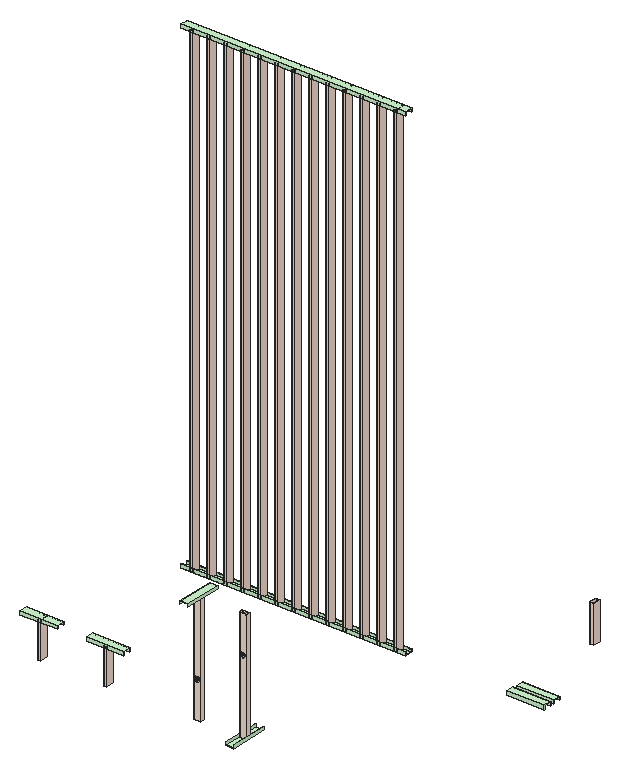
Revit family "sq-wall2500", category 機械設備, Revit 2022
Family settings
  丸型コネクタ寸法 = 直径を使用
  種別 = なし
  パーツ タイプ = 標準
  作業面ベース = いいえ
  常に垂直 = はい
  ロード時にボイドで切り取り = いいえ
  注釈の向きを維持 = いいえ
  共有 = いいえ
  部屋計算ポイント = いいえ
Parameters
  製造元 = "株式会社桐井製作所"
  既定の高さ = 0 mm
  URL = "https://www.kirii.co.jp/"
  K_名称 = "SQ-WALL2500工法（ソリーダ）"
  K_バージョン情報 = "240321"
Reference planes
  plane 1 "中心(正面/背面)": y = 0
  plane 2: z = 0
  plane 3 "中心(左/右)": x = 0
  plane 4: z = 19
Lines and regions (mm)
  model lines
    curve 1: line (3467.807, 3284.555, 0) -> (5217.807, 3284.555, 0)
    curve 2: line (5217.807, 2254.555, 0) -> (3467.807, 2254.555, 0)
    curve 3: line (3467.807, 3284.555, 0) -> (3467.807, 2254.555, 0)
    curve 4: line (3467.807, 2054.555, 0) -> (5217.807, 2054.555, 0)
    curve 5: line (5217.807, 1024.555, 0) -> (3467.807, 1024.555, 0)
    curve 6: line (3467.807, 2054.555, 0) -> (3467.807, 1024.555, 0)
    curve 7: line (5217.807, 2054.555, 0) -> (5217.807, 1024.555, 0)
    curve 8: line (5217.807, 3284.555, 0) -> (5217.807, 2254.555, 0)
    curve 9: line (-432.193, -425.445, 0) -> (1307.807, -425.445, 0)
    curve 10: line (1307.807, -1455.445, 0) -> (-432.193, -1455.445, 0)
    curve 11: line (-432.193, -425.445, 0) -> (-432.193, -1455.445, 0)
    curve 12: line (5417.807, 3284.555, 0) -> (7167.807, 3284.555, 0)
    curve 13: line (7167.807, 2254.555, 0) -> (5417.807, 2254.555, 0)
    curve 14: line (5417.807, 3284.555, 0) -> (5417.807, 2254.555, 0)
    curve 15: line (7167.807, 3284.555, 0) -> (7167.807, 2254.555, 0)
    curve 16: line (5417.807, 2054.555, 0) -> (7167.807, 2054.555, 0)
    curve 17: line (7167.807, 1024.555, 0) -> (5417.807, 1024.555, 0)
    curve 18: line (5417.807, 2054.555, 0) -> (5417.807, 1024.555, 0)
    curve 19: line (7167.807, 2054.555, 0) -> (7167.807, 1024.555, 0)
    curve 20: line (1517.807, -425.445, 0) -> (3257.807, -425.445, 0)
    curve 21: line (3257.807, -1455.445, 0) -> (1517.807, -1455.445, 0)
    curve 22: line (3257.807, -425.445, 0) -> (3257.807, -1455.445, 0)
    curve 23: line (1307.807, -425.445, 0) -> (1307.807, -1455.445, 0)
    curve 24: line (1517.807, -425.445, 0) -> (1517.807, -1455.445, 0)
Text (mm)
  text "SQ-WALL2500工法(ソリーダ）\n※倉庫業法に規定されている2500N/㎡に対応した工法です。\n壁高さに応じてスタッド配置間隔が異なりますので、適切な仕様の選定をお願いします。\n（壁高さ6500mm以下の場合は227.5mm以下、壁高さ6500mmを超え7500mm以下の場合は182mm以下とする）" at (-488.376, 3497.466, 0), in view "{3D}"
  text "SQ-BAR" at (3607.293, 3147.828, 0), in view "{3D}"
  text "・SQ-BAR45100(1.2)" at (3707.619, 2965.328, 0), in view "{3D}"
  text "施工規定については、施工要領書をご確認下さい。\n●URL：SQ-WALL2500工法(ソリーダ)\nhttps://www.kirii.co.jp/download/dw/sekou/sekou_sq-wall2500.pdf" at (5357.293, -1592.172, 0), in view "{3D}"
  text "高耐力ランナー" at (3607.293, 1917.828, 0), in view "{3D}"
  text "・-105×40×2.3" at (3707.619, 1735.328, 0), in view "{3D}"
  text "・-105×50×2.3" at (3707.619, 1582.828, 0), in view "{3D}"
  text "アンカー(ご参考)" at (5557.293, 1917.828, 0), in view "{3D}"
  text "・タップスター(8×50以上)" at (5657.619, 1735.328, 0), in view "{3D}"
  text "セルフドリリングビス(ご参考)" at (5557.293, 3147.828, 0), in view "{3D}"
  text "・MBテクス　Wリード(WLR：3.5×25mm以上)" at (5657.619, 2965.328, 0), in view "{3D}"
  text "突出長さ10mm以上になるようご選定ください。" at (5457.896, 2364.62, 0), in view "{3D}"
  text "壁高さ6.5mまでは許容せん断耐力5550N以上、6.5m以上は6400N以上のものを使用し、\n打込み間隔455mm以下にて固定して下さい。" at (5457.896, 1209.62, 0), in view "{3D}"
  text "スタッドの切断" at (-292.707, -562.172, 0), in view "{3D}"
  text "スタッドは、上部ランナーとの隙間が10mm以下となるように切断する。\n※ランナーサイズが［-105×50×2.3のものを使用する際は隙間を15mm以上～20mm以下\nとなるように切断する。" at (-392.104, -1205.38, 0), in view "{3D}"
  text "スタッドの配線用貫通孔" at (1657.293, -562.172, 0), in view "{3D}"
  text "スタッドには壁内配線用の貫通孔をスタッドの上下端部から1000mm以内に各一か所ずつ\n開けることができる。現場で加工を行う際は、直径36mm以下とし、ヘリ秋寸法を30mm\n以上確保する。" at (1557.896, -1205.38, 0), in view "{3D}"
  text "ランナーが［-105×40×2.3の場合" at (-312.759, -1034.28, 0), in view "{3D}"
  text "ランナーが［-105×50×2.3の場合" at (572.241, -1034.28, 0), in view "{3D}"
Dimensions and locks
  aligned and locked: level to plane 2
Nested families
  nested 1: "高耐力ランナー105×40×2.3" at (-82.193, 1529.555, 0), type "高耐力ランナー105×40×2.3"
    with K_長さ(mm) 3000 mm
  nested 2: "SQ-BAR45100(1.2)" at (1440.307, 1527.099, 0) x (0, 1, 0) z (0, 0, 1), type "SQ-BAR45100(1.2)"
    with K_長さ(mm) 6500 mm
  nested 3: "SQ-BAR45100(1.2)" at (1212.807, 1527.099, 0) x (0, 1, 0) z (0, 0, 1), type "SQ-BAR45100(1.2)"
    with K_長さ(mm) 6500 mm
  nested 4: "SQ-BAR45100(1.2)" at (985.307, 1527.099, 0) x (0, 1, 0) z (0, 0, 1), type "SQ-BAR45100(1.2)"
    with K_長さ(mm) 6500 mm
  nested 5: "SQ-BAR45100(1.2)" at (757.807, 1527.099, 0) x (0, 1, 0) z (0, 0, 1), type "SQ-BAR45100(1.2)"
    with K_長さ(mm) 6500 mm
  nested 6: "SQ-BAR45100(1.2)" at (530.307, 1527.099, 0) x (0, 1, 0) z (0, 0, 1), type "SQ-BAR45100(1.2)"
    with K_長さ(mm) 6500 mm
  nested 7: "SQ-BAR45100(1.2)" at (302.807, 1527.099, 0) x (0, 1, 0) z (0, 0, 1), type "SQ-BAR45100(1.2)"
    with K_長さ(mm) 6500 mm
  nested 8: "SQ-BAR45100(1.2)" at (75.307, 1527.099, 0) x (0, 1, 0) z (0, 0, 1), type "SQ-BAR45100(1.2)"
    with K_長さ(mm) 6500 mm
  nested 9: "SQ-BAR45100(1.2)" at (2805.307, 1527.099, 0) x (0, 1, 0) z (0, 0, 1), type "SQ-BAR45100(1.2)"
    with K_長さ(mm) 6500 mm
  nested 10: "SQ-BAR45100(1.2)" at (2577.807, 1527.099, 0) x (0, 1, 0) z (0, 0, 1), type "SQ-BAR45100(1.2)"
    with K_長さ(mm) 6500 mm
  nested 11: "SQ-BAR45100(1.2)" at (2350.307, 1527.099, 0) x (0, 1, 0) z (0, 0, 1), type "SQ-BAR45100(1.2)"
    with K_長さ(mm) 6500 mm
  nested 12: "SQ-BAR45100(1.2)" at (2122.807, 1527.099, 0) x (0, 1, 0) z (0, 0, 1), type "SQ-BAR45100(1.2)"
    with K_長さ(mm) 6500 mm
  nested 13: "SQ-BAR45100(1.2)" at (1895.307, 1527.099, 0) x (0, 1, 0) z (0, 0, 1), type "SQ-BAR45100(1.2)"
    with K_長さ(mm) 6500 mm
  nested 14: "SQ-BAR45100(1.2)" at (1667.807, 1527.099, 0) x (0, 1, 0) z (0, 0, 1), type "SQ-BAR45100(1.2)"
    with K_長さ(mm) 6500 mm
  nested 15: "高耐力ランナー105×40×2.3" at (4267.807, 1699.555, 40) x (1, 0, 0) z (0, 0, -1), type "高耐力ランナー105×40×2.3"
    with K_長さ(mm) 500 mm
  nested 16: "SQ-BAR45100(1.2)" at (4312.807, 2927.055, 0) x (0, 1, 0) z (0, 0, 1), type "SQ-BAR45100(1.2)"
    with K_長さ(mm) 500 mm
  nested 17: "SQ-BAR45100(1.2)" at (16.422, -939.598, 0) x (0, 1, 0) z (0, 0, 1), type "SQ-BAR45100(1.2)"
    with K_長さ(mm) 490 mm
  nested 18: "SQ-BAR45100(1.2)" at (902.722, -939.598, 0) x (0, 1, 0) z (0, 0, 1), type "SQ-BAR45100(1.2)"
    with K_長さ(mm) 480 mm
  nested 19: "高耐力ランナー105×40×2.3" at (-261.078, -937.142, 500) x (1, 0, 0) z (0, 0, -1), type "高耐力ランナー105×40×2.3"
    with K_長さ(mm) 500 mm
  nested 20: "高耐力ランナー105×50×2.3" at (4267.807, 1539.555, 50) x (1, 0, 0) z (0, 0, -1), type "高耐力ランナー105×50×2.3"
    with K_長さ(mm) 500 mm
  nested 21: "高耐力ランナー105×50×2.3" at (625.222, -937.142, 500) x (1, 0, 0) z (0, 0, -1), type "高耐力ランナー105×50×2.3"
    with K_長さ(mm) 500 mm
  nested 22: "SQ-BAR45100(1.2)_貫通孔あり_" at (2699.107, -964.642, 0), type "SQ-BAR45100(1.2)_貫通孔あり_"
    with K_長さ(mm) 1500 mm
  nested 23: "SQ-BAR45100(1.2)_貫通孔あり_" at (2083.105, -962.142, 1502.3) x (-1, 0, 0) z (0, 0, -1), type "SQ-BAR45100(1.2)_貫通孔あり_"
    with K_長さ(mm) 1500 mm
  nested 24: "高耐力ランナー105×40×2.3" at (2696.607, -1189.642, 0) x (0, 1, 0) z (0, 0, 1), type "高耐力ランナー105×40×2.3"
    with K_長さ(mm) 500 mm
  nested 25: "高耐力ランナー105×40×2.3" at (2080.605, -1189.642, 1514.6) x (0, 1, 0) z (0, 0, -1), type "高耐力ランナー105×40×2.3"
    with K_長さ(mm) 500 mm
  nested 26: "高耐力ランナー105×40×2.3" at (-82.193, 1529.555, 6512.3) x (1, 0, 0) z (0, 0, -1), type "高耐力ランナー105×40×2.3"
    with K_長さ(mm) 3000 mm
Definition of nested family "高耐力ランナー105×40×2.3"
  Parameters (values of type "高耐力ランナー105×40×2.3")
    Manufacturer = "株式会社桐井製作所"
    Default Elevation = 0 mm
    URL = "https://www.kirii.co.jp/"
    K_長さ(mm) [instance] = 4000 mm
    K_外形寸法(mm) = "[-105×40×2.3"
    K_品名 = "高耐力ランナー"
    K_名称 = "ランナー"
    K_バージョン情報 = "20210714"
  Reference planes
    plane 1 "中心(正面/背面)": y = 0
    plane 2: z = 0
    plane 3 "中心(左/右)": x = 0
    plane 4: x = 4000
    plane 5: z = 40
  Forms (mm)
    Extrusion 1, solid
      sketch origin (0, -32.295, -46.342) x (0, 1, 0) y (0, 0, 1)
        loop
          line (82.295, 86.342) -> (79.995, 86.342) -> (79.995, 48.642) -> (-20.405, 48.642) -> (-20.405, 86.342) -> (-22.705, 86.342) -> (-22.705, 46.342) -> (82.295, 46.342) -> (82.295, 86.342)
      from 0 to 4000
  Dimensions and locks
    "K_長さ(mm)": plane 4 to plane 3 "中心(左/右)"
    aligned and locked: level to plane 2
    aligned and locked: plane 4 to Extrusion 1
  Automatic sketch dimensions
    Extrusion 1 sketch curve to level = 0 mm
    plane 1 "中心(正面/背面)" to Extrusion 1 sketch curve = 55 mm
    Extrusion 1 sketch curve to Extrusion 1 sketch curve = 2.3 mm  (x2)
    level to Extrusion 1 sketch curve = 2.3 mm
    Extrusion 1 sketch curve to plane 1 "中心(正面/背面)" = 47.7 mm
    Extrusion 1 sketch curve to Extrusion 1 sketch curve = 37.7 mm  (x2)
Definition of nested family "SQ-BAR45100(1.2)"
  Parameters (values of type "SQ-BAR45100(1.2)")
    Manufacturer = "株式会社桐井製作所"
    Default Elevation = 0 mm
    URL = "https://www.kirii.co.jp/"
    K_長さ(mm) [instance] = 3000 mm
    K_外形寸法(mm) = "□45×100×1.2"
    K_品名 = "SQ-BAR45100(1.2)"
    K_名称 = "スタッド"
    K_バージョン情報 = "20210714"
  Reference planes
    plane 1 "中心(正面/背面)": y = 0
    plane 2: z = 0
    plane 3 "中心(左/右)": x = 0
    plane 4: z = 3000
  Forms (mm)
    Extrusion 1, solid
      sketch origin (0, 0, 0) x (1, 0, 0) y (0, 1, 0)
        loop
          line (-50, 0) -> (50, 0) -> (50, 45) -> (-50, 45) -> (-50, 0)
        loop
          line (-48.8, 1.2) -> (48.8, 1.2) -> (48.8, 43.8) -> (-48.8, 43.8) -> (-48.8, 1.2)
      from 0 to 3000
  Dimensions and locks
    "K_長さ(mm)": plane 4 to plane 2
    aligned and locked: level to plane 2
    aligned and locked: plane 4 to Extrusion 1
  Automatic sketch dimensions
    plane 1 "中心(正面/背面)" to Extrusion 1 sketch curve = 0 mm
    Extrusion 1 sketch curve to plane 3 "中心(左/右)" = 50 mm
    Extrusion 1 sketch curve to Extrusion 1 sketch curve = 1.2 mm  (x3)
    Extrusion 1 sketch curve to plane 1 "中心(正面/背面)" = 1.2 mm
    plane 3 "中心(左/右)" to Extrusion 1 sketch curve = 48.8 mm
    Extrusion 1 sketch curve to Extrusion 1 sketch curve = 42.6 mm
Definition of nested family "高耐力ランナー105×50×2.3"
  Parameters (values of type "高耐力ランナー105×50×2.3")
    Manufacturer = "株式会社桐井製作所"
    Default Elevation = 0 mm
    URL = "https://www.kirii.co.jp/"
    K_長さ(mm) [instance] = 4000 mm
    K_外形寸法(mm) = "[-105×50×2.3"
    K_品名 = "高耐力ランナー"
    K_名称 = "ランナー"
    K_バージョン情報 = "20210714"
  Reference planes
    plane 1 "中心(正面/背面)": y = 0
    plane 2: z = 0
    plane 3 "中心(左/右)": x = 0
    plane 4: x = 4000
    plane 5: z = 50
  Forms (mm)
    Extrusion 1, solid
      sketch origin (0, -32.295, -46.342) x (0, 1, 0) y (0, 0, 1)
        loop
          line (82.295, 96.342) -> (79.995, 96.342) -> (79.995, 48.642) -> (-20.405, 48.642) -> (-20.405, 96.342) -> (-22.705, 96.342) -> (-22.705, 46.342) -> (82.295, 46.342) -> (82.295, 96.342)
      from 0 to 4000
  Dimensions and locks
    "K_長さ(mm)": plane 4 to plane 3 "中心(左/右)"
    aligned and locked: level to plane 2
    aligned and locked: plane 4 to Extrusion 1
  Automatic sketch dimensions
    Extrusion 1 sketch curve to level = 0 mm
    plane 1 "中心(正面/背面)" to Extrusion 1 sketch curve = 55 mm
    Extrusion 1 sketch curve to Extrusion 1 sketch curve = 2.3 mm  (x2)
    level to Extrusion 1 sketch curve = 2.3 mm
    Extrusion 1 sketch curve to plane 1 "中心(正面/背面)" = 47.7 mm
    Extrusion 1 sketch curve to Extrusion 1 sketch curve = 47.7 mm  (x2)
Definition of nested family "SQ-BAR45100(1.2)_貫通孔あり_"
  Parameters (values of type "SQ-BAR45100(1.2)_貫通孔あり_")
    Manufacturer = "株式会社桐井製作所"
    Default Elevation = 0 mm
    URL = "https://www.kirii.co.jp/"
    K_長さ(mm) [instance] = 3000 mm
    K_外形寸法(mm) = "□45×100×1.2"
    K_品名 = "SQ-BAR45100(1.2)"
    K_名称 = "スタッド"
    K_バージョン情報 = "20210714"
  Reference planes
    plane 1 "中心(正面/背面)": y = 0
    plane 2: z = 0
    plane 3 "中心(左/右)": x = 0
    plane 4: z = 3000
  Forms (mm)
    Extrusion 1, solid
      sketch origin (0, 0, 0) x (1, 0, 0) y (0, 1, 0)
        loop
          line (-50, 0) -> (50, 0) -> (50, 45) -> (-50, 45) -> (-50, 0)
        loop
          line (-48.8, 1.2) -> (48.8, 1.2) -> (48.8, 43.8) -> (-48.8, 43.8) -> (-48.8, 1.2)
      from 0 to 3000
    Extrusion 2, void
      sketch origin (0, 0, 21.41) x (1, 0, 0) y (0, 0, 1)
        loop
          circle (0.737, 978.924) r 36
      from -45 to 0
  Cuts and joins
    Extrusion 2 cuts Extrusion 1
  Dimensions and locks
    "K_長さ(mm)": plane 4 to plane 2
    aligned and locked: level to plane 2
    aligned and locked: plane 4 to Extrusion 1
  Automatic sketch dimensions
    plane 1 "中心(正面/背面)" to Extrusion 1 sketch curve = 0 mm
    Extrusion 1 sketch curve to plane 3 "中心(左/右)" = 50 mm
    Extrusion 1 sketch curve to Extrusion 1 sketch curve = 1.2 mm  (x3)
    Extrusion 1 sketch curve to plane 1 "中心(正面/背面)" = 1.2 mm
    plane 3 "中心(左/右)" to Extrusion 1 sketch curve = 48.8 mm
    Extrusion 1 sketch curve to Extrusion 1 sketch curve = 42.6 mm
    plane 3 "中心(左/右)" to Extrusion 2 sketch curve = 0.737 mm
    level to Extrusion 2 sketch curve = 1000.334 mm
    radius of Extrusion 2 sketch curve = 36 mm
